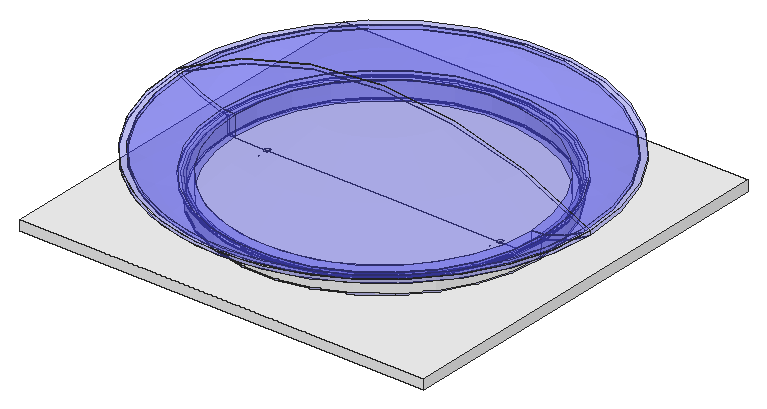
Revit family "BE_50508_de_DE", category Leuchten, Revit 2020
Family settings
  Basisbauteil = Fläche
  Bemaßung runder Anschluss = Durchmesser verwenden
  Teiletyp = Normal
  Beim Laden mit Abzugskörper schneiden = Ja
  Lichtquelle = Ja
  Gemeinsam genutzt = Nein
  Raumberechnungspunkt = Ja
Parameters (values of type "BEGA_50508_K4")
  built-in parameter 1150104 = 11.418 (stored number, unit not read)
  Wattage = 26.9 W
  Default Elevation = 0 mm
  built-in parameter 1150113 = 1 (stored number, unit not read)
  built-in parameter 1114218 = 1 (stored number, unit not read)
  Umgebungstemperatur = "25 °C"
  URL = "https://www.bega.com/de/produkt/50508"
  Typenkommentare = "© 2022 BEGA. Wir behalten uns das Recht vor, technische Änderungen ohne vorherige Ankündigung vorzunehmen."  # constant formula
  built-in parameter 1150134 = (empty or 0)
  built-in parameter 1150109 = 1 (stored number, unit not read)
  Strom = ""
  built-in parameter 1150110 = 1 (stored number, unit not read)
  Spannung = 239.996 V
  Sonderanfertigung = no
  Sockeltyp = ""
  Sockelanzahl = ""
  Seriennummer [instance] = "Hier können Sie die eindeutige Seriennummer für das Facility Management eintragen."
  Schutzklasse = "I"
  Schutzart = "IP 20"
  Scheinlast = 0 VA
  Produktdatenblatt = "http://www.bega.de/download/Xrfa/db/50508.db.de.pdf"
  Oberflächentemperatur = ""
  Neigungswinkel = 0.00°
  Model = "50508K2"
  Material_17 = BEGA_Reflektor
  Material_15 = BEGA_Leuchtmedium_matt
  Material_11 = BEGA_Glas_opal
  Material_09 = BEGA_Glas_klar
  Material_06 = BEGA_Oberfläche_Edelstahl_gebürstet
  Material_03 = BEGA_Oberfläche_Weiss_matt
  Material_02 = BEGA_Oberfläche_Silber_matt
  Material_01 [instance] = BEGA_Oberfläche_Grafit_matt
  M_W = no
  M_G = no
  M_A = no
  Logo = 0
  built-in parameter 1114217 = 1 (stored number, unit not read)
  built-in parameter 1150139 = (empty or 0)
  built-in parameter 1150105 = 263.08 (stored number, unit not read)
  built-in parameter 1150114 = 1 (stored number, unit not read)
  Lumens = 3306.01 lm
  built-in parameter 1150115 = 1 (stored number, unit not read)
  Leuchtenlichtstrom = "2557 lm"
  Leuchtenanzahl = ""
  Lebensdauerkriterien = "L70B50 @ 25 °C = 171000 h"
  Lastklassifizierung = Beleuchtung
  built-in parameter 1150112 = 1 (stored number, unit not read)
  Lampenlichtstrom = "3360 lm"
  Lamp = "LED 26.9 W"
  LED_Modulbezeichnung = "LED-0550/927"
  built-in parameter 1150142 = (empty or 0)
  Hersteller = "BEGA"  # constant formula
  Halbstreuwinkel = ""
  Gewicht = "2.9 kg"
  Gebrauchslageneinschränkung [instance] = ""
  Frequenz = "0/50-60 Hz"
  Farbwiedergabeindex = "CRI > 90"
  Farbtemperaturverschiebung bei Dämpfen der Lampe = <Keine Auswahl>
  Farbtemperatur = "2700 K"
  Color Filter = 16777215
  built-in parameter 1150133 = 10 (stored number, unit not read)
  Energieeffizienzklasse = "LED A++ - A"
  built-in parameter 1150137 = (empty or 0)
  built-in parameter 1150132 = (empty or 0)
  ENEC = "ja"
  Dimmbar [instance] = "DALI"
  Photometric Web File = "BE_50508K2.IES"
  CE_Konformität = "ja"
  Bestellnummer = "50508K2"
  Beschreibung_Sonderanfertigung = "Hier können Sie Informationen zur Sonderanfertigung eintragen."
  Beschreibung = "Decken- und Wandleuchte"
  built-in parameter 1150106 = 2.6308 (stored number, unit not read)
  Befestigungsbohrung = "Ø 5,5 mm"
  Befestigungsabstand = "230 mm"
  Ballwurfsicher = ""
  BEGA_Intern_aus = yes
  BEGA_Intern_an = yes
  BEGA_Intern_Konstruktion = yes
  BEGA_Intern = yes
  BEGA_IES = yes
  BEGA_Dummy = no
  Anschlussleitung = ""
  Anschlussleistung [instance] = "30 W"
  Anschlusskasten = ""
  built-in parameter 1150107 = 2700 (stored number, unit not read)
  built-in parameter 1150102 = (empty or 0)
  built-in parameter 1150138 = (empty or 0)
  Aktualisierung = "2020-06-26T04:00:13"
  Abstand_zur_angestrahlten_Fläche [instance] = ""
  AC/DC = "AC/DC"
Types (3, lengths in mm): name | built-in parameter 1150104 | built-in parameter 1150134 | Model | built-in parameter 1150105 | Lumens | Leuchtenlichtstrom | Lampenlichtstrom | LED_Modulbezeichnung | Farbtemperatur | Photometric Web File | Bestellnummer | built-in parameter 1150106 | built-in parameter 1150107
  BEGA_50508_K4 | 12.124 (stored number, unit not read) | 12 | "50508K4" | 279.35 (stored number, unit not read) | 3510.45 lm | "3021 lm" | "3970 lm" | "LED-0510/930" | "4000 K" | "BE_50508K4.IES" | "50508K4" | 2.7935 (stored number, unit not read) | 4000 (stored number, unit not read)
  BEGA_50508_K3 | 11.687 (stored number, unit not read) | (empty or 0) | "50508K3" | 269.29 (stored number, unit not read) | 3384.02 lm | "3021 lm" | "3970 lm" | "LED-0510/930" | "3000 K" | "BE_50508K3.IES" | "50508K3" | 2.6929 (stored number, unit not read) | 3000 (stored number, unit not read)
  BEGA_50508_K27 | 11.418 (stored number, unit not read) | (empty or 0) | "50508K27" | 263.08 (stored number, unit not read) | 3306.01 lm | "2926 lm" | "3845 lm" | "LED-0510/927" | "2700 K" | "BE_50508K27.IES" | "50508K27" | 2.6308 (stored number, unit not read) | 2700 (stored number, unit not read)
Reference planes
  plane 1 "Mitte (Vorne/Hinten)": y = 0
  plane 2: z = 0
  plane 3 "Mitte (Links/Rechts)": x = 0
  plane 4 "Links": x = -205
  plane 5 "Rechts": x = 205
  plane 6 "Unten": y = -205
  plane 7 "Oben": y = 205
  plane 8 "Vorne": z = 100.8
  plane 9 "Hinten": z = 0
Forms (mm)
  Extrusion 1, solid, material "BEGA_Platte_Weiss"
    sketch origin (0, -1119.2, 0) x (1, 0, 0) y (0, 1, 0)
      loop
        line (-200, 1319.2) -> (-200, 919.2) -> (200, 919.2) -> (200, 1319.2) -> (-200, 1319.2)
    from 0 to -10
  Extrusion 2, solid, material "BEGA_Dummy_matt", visible <- "BEGA_Dummy"
    sketch origin (77.149, -76.023, 0) x (1, 0, 0) y (0, 1, 0)
      loop
        circle (-77.149, 76.023) r 205
    from 0 to 100.8
Dimensions and locks
  plane 1 "Mitte (Vorne/Hinten)" to Extrusion 1 = 200 mm
  aligned and locked: plane 2 to Extrusion 1
  aligned and locked: level to Extrusion 1
Nested families
  nested 1: "BE_50508" at (0, 0, 0), type "BE_50508"
Connectors
  electrical at (0, 0, 0), driven by "Lastklassifizierung", driven by "Spannung", driven by "Scheinlast"
    settings: index 1, voltage 239.996 V, apparent load 0 VA, apparent load phase1 0 VA, apparent load phase2 0 VA, apparent load phase3 0 VA, power factor 1, load classification "Beleuchtung", number of poles 1, system type 31, power factor state 1, is connector primary yes, connector utility no, sub classification motor no, connector description ""
Definition of nested family "BE_50508"
  Parameters (values of type "BE_50508")
    Default Elevation = 1 mm
    URL = "http://www.bega.de/de/produkt"
    Type Comments = "© 2015 BEGA. Wir behalten uns das Recht vor, technische Änderungen ohne vorherige Ankündigung vorzunehmen. "  # constant formula
    Type Image = (empty or 0)
    Neigungswinkel_um_Z2 = 0.00°
    Neigungswinkel_um_Z1 = 0.00°
    Neigungswinkel_um_Y2 = 0.00°
    Neigungswinkel_um_Y1 = 0.00°
    Neigungswinkel_um_X2 = 0.00°
    Neigungswinkel_um_X1 = 0.00°
    Material_17 = none
    Material_15 = none
    Material_11 = none
    Material_09 = none
    Material_06 = none
    Material_03 = none
    Material_02 = none
    Material_01 = none
    M_W = yes
    M_G = yes
    M_A = yes
    Länge_Platte = 200 mm  # constant formula
    Höhe_Platte = -10 mm  # constant formula
    Manufacturer = "BEGA"  # constant formula
    Drehwinkel_um_Z2 = 0.00°
    Drehwinkel_um_Z1 = 0.00°
    Breite_Platte = 200 mm  # constant formula
  Reference planes
    plane 1 "Mitte (Oben/Unten)": y = 0
    plane 2: z = 0
    plane 3 "Mitte (Links/Rechts)": x = 0
    plane 4: x = -205
    plane 5: z = 100.8
    plane 6: x = 205
    plane 7: y = 205
    plane 8: y = -205
  Forms (mm)
    Extrusion 1, solid, detail levels medium
      sketch origin (0, 0, 0) x (1, 0, 0) y (0, 1, 0)
        loop
          line (-100, 100) -> (-100, -100) -> (100, -100) -> (100, 100) -> (-100, 100)
      from 0 to -10 <- "Höhe_Platte"
    Revolve 2, solid, material <- "Material_03"
      sketch origin (0, 0, 0) x (1, 0, 0) y (0, 0, 1)
        loop
          line (-153.767, 2.3) -> (0, 2.3) -> (0, 3.3) -> (-153.767, 3.3)
          arc (-153.767, 3.3) -> (-154.468, 3.587) -> (-154.767, 4.283) r 1
          line (-154.767, 4.283) -> (-155.025, 19.038)
          arc (-155.025, 19.038) -> (-155.567, 20.288) -> (-156.831, 20.8) r 1.8
          line (-156.831, 20.8) -> (-159, 20.8) -> (-159, 19.8) -> (-156.829, 19.8)
          arc (-156.829, 19.8) -> (-156.267, 19.574) -> (-156.025, 19.018) r 0.8
          line (-156.025, 19.018) -> (-155.767, 4.265)
          arc (-155.767, 4.265) -> (-155.169, 2.873) -> (-153.767, 2.3) r 2
        axis (0, 20.8) -> (0, 2.3)
      angle from 0 to 360
    Revolve 3, solid, material <- "Material_11"
      sketch origin (0, 0, 0) x (1, 0, 0) y (0, 0, 1)
        loop
          arc (0, 100.9) -> (-106.325, 86.51) -> (-205, 44.375) r 400.002
          line (-205, 44.375) -> (-205, 40.375)
          arc (-205, 40.375) -> (-183.46, 28.449) -> (-160, 20.977) r 125
          line (-160, 20.977) -> (-152.494, 20.583) -> (-152.494, 4.9) -> (-146.458, 4.9) -> (-146.458, 24.272) -> (-159.473, 24.954)
          arc (-159.473, 24.954) -> (-179.36, 31.071) -> (-197.905, 40.504) r 121.001
          arc (-197.905, 40.504) -> (-198.849, 42.234) -> (-197.848, 43.934) r 2
          arc (-197.848, 43.934) -> (-102.408, 83.43) -> (0, 96.901) r 395.997
          line (0, 96.901) -> (0, 100.9)
        axis (0, 100.9) -> (0, 4.9)
      angle from 0 to 360
    Extrusion 4, void
      sketch origin (0, 0, 0) x (1, 0, 0) y (0, 1, 0)
        loop
          circle (-115, 0) r 2.75
        loop
          circle (115, 0) r 2.75
      from 0 to 16.895
    Revolve 5, solid, material <- "Material_03"
      sketch origin (0, 0, 0) x (1, 0, 0) y (0, 0, 1)
        loop
          line (-124.43, 2.3) -> (-123.409, 1.081)
          arc (-123.409, 1.081) -> (-122.377, 0.284) -> (-121.104, 0) r 2.999
          line (-121.104, 0) -> (-117.75, 0) -> (-117.75, 1) -> (-122, 1) -> (-123.091, 2.3) -> (-124.43, 2.3)
        axis (-115, 2.3) -> (-115, 0)
      angle from 0 to 360
    Revolve 6, solid, material <- "Material_03"
      sketch origin (0, 0, 0) x (-1, 0, 0) y (0, 0, 1)
        loop
          line (-124.43, 2.3) -> (-123.409, 1.081)
          arc (-123.409, 1.081) -> (-122.377, 0.284) -> (-121.104, 0) r 2.999
          line (-121.104, 0) -> (-117.75, 0) -> (-117.75, 1) -> (-122, 1) -> (-123.091, 2.3) -> (-124.43, 2.3)
        axis (-115, 2.3) -> (-115, 0)
      angle from 0 to 360
  Cuts and joins
    Extrusion 4 cuts Revolve 2
    joined: Revolve 2, Revolve 5, Revolve 6
  Dimensions and locks
    equal spacing: Extrusion 1 sketch curve, plane 3 "Mitte (Links/Rechts)", Extrusion 1 sketch curve
    equal spacing: Extrusion 1 sketch curve, plane 1 "Mitte (Oben/Unten)", Extrusion 1 sketch curve
    "Länge_Platte": Extrusion 1 sketch curve to Extrusion 1 sketch curve
    "Breite_Platte": Extrusion 1 sketch curve to Extrusion 1 sketch curve
    aligned and locked: plane 2 to Extrusion 1
    aligned and locked: level to Extrusion 1
  Automatic sketch dimensions
    Revolve 2 sketch curve to Revolve 2 sketch curve = 0 mm  (x9)
    Revolve 2 sketch curve to plane 3 "Mitte (Links/Rechts)" = 0 mm  (x2)
    level to Revolve 2 sketch curve = 4.3 mm
    level to Revolve 2 sketch curve = 19.038 mm
    Revolve 2 sketch curve to Revolve 2 sketch curve = 1.257 mm
    level to Revolve 2 sketch curve = 19.018 mm
    Revolve 2 sketch curve to Revolve 2 sketch curve = 1 mm  (x5)
    Revolve 2 sketch curve to Revolve 2 sketch curve = 0.8 mm
    Revolve 2 sketch curve to Revolve 2 sketch curve = 0.004 mm
    Revolve 2 sketch curve to Revolve 2 sketch curve = 0.002 mm
    Revolve 2 sketch curve to Revolve 2 sketch curve = 2.169 mm
    Revolve 2 sketch curve to Revolve 2 sketch curve = 0.018 mm
    level to Revolve 2 sketch curve = 4.283 mm
    level to Revolve 2 sketch curve = 4.265 mm
    Revolve 3 sketch curve to Revolve 3 sketch curve = 0 mm  (x3)
    Revolve 3 sketch curve to plane 3 "Mitte (Links/Rechts)" = 0 mm  (x2)
    level to Revolve 3 sketch curve = 24.272 mm
    Revolve 3 sketch curve to Revolve 3 sketch curve = 6.037 mm
    level to Revolve 3 sketch curve = 24.954 mm
    Revolve 3 sketch curve to Revolve 3 sketch curve = 6.979 mm
    level to Revolve 3 sketch curve = 20.977 mm
    Revolve 3 sketch curve to Revolve 3 sketch curve = 0.527 mm
    plane 3 "Mitte (Links/Rechts)" to Revolve 3 sketch curve = 0 mm  (x2)
    Revolve 3 sketch curve to Revolve 3 sketch curve = 3.689 mm
    level to Revolve 3 sketch curve = 4.9 mm
    Revolve 3 sketch curve to Revolve 3 sketch curve = 0.005 mm
    level to Revolve 3 sketch curve = 40.375 mm
    Revolve 3 sketch curve to Revolve 3 sketch curve = 1.826 mm
    Revolve 3 sketch curve to Revolve 3 sketch curve = 4 mm
    Revolve 3 sketch curve to Revolve 3 sketch curve = 3.999 mm
    Revolve 3 sketch curve to Revolve 3 sketch curve = 1.055 mm
    Revolve 3 sketch curve to Revolve 3 sketch curve = 0.001 mm
    Revolve 3 sketch curve to Revolve 3 sketch curve = 24.939 mm
    level to Revolve 5 sketch curve = 2.3 mm
    level to Revolve 5 sketch curve = 1.081 mm
    Revolve 5 sketch curve to Revolve 5 sketch curve = 1.021 mm
    Revolve 5 sketch curve to Revolve 5 sketch curve = 0.318 mm
    level to Revolve 5 sketch curve = 1 mm
    Revolve 5 sketch curve to Revolve 5 sketch curve = 1.409 mm
    Revolve 5 sketch curve to Revolve 5 sketch curve = 1.987 mm
    level to Revolve 5 sketch curve = 0 mm
    Revolve 5 sketch curve to Revolve 5 sketch curve = 3.354 mm
    Revolve 5 sketch curve to Revolve 5 sketch curve = 2.75 mm
    Revolve 5 sketch curve to level = 2 mm
    Revolve 5 sketch curve to Revolve 5 sketch curve = 4.3 mm
    Revolve 6 sketch curve to level = 2.3 mm
    Revolve 6 sketch curve to level = 1.081 mm
    Revolve 6 sketch curve to Revolve 6 sketch curve = 1.021 mm
    Revolve 6 sketch curve to Revolve 6 sketch curve = 0.318 mm
    Revolve 6 sketch curve to level = 1 mm
    Revolve 6 sketch curve to Revolve 6 sketch curve = 1.409 mm
    Revolve 6 sketch curve to Revolve 6 sketch curve = 1.987 mm
    Revolve 6 sketch curve to level = 0 mm
    Revolve 6 sketch curve to Revolve 6 sketch curve = 3.354 mm
    Revolve 6 sketch curve to Revolve 6 sketch curve = 2.75 mm
    level to Revolve 6 sketch curve = 2 mm
    Revolve 6 sketch curve to Revolve 6 sketch curve = 4.3 mm
    Revolve 2 sketch curve to level = 274.158 mm
    Revolve 3 sketch curve to level = 299.097 mm
    Revolve 2 sketch curve to plane 3 "Mitte (Links/Rechts)" = 153.767 mm
    Revolve 3 sketch curve to plane 3 "Mitte (Links/Rechts)" = 133.977 mm
    Revolve 3 sketch curve to Revolve 3 sketch curve = 12.481 mm
    Revolve 3 sketch curve to Revolve 3 sketch curve = 37.376 mm
    Revolve 3 sketch curve to Revolve 3 sketch curve = 7.094 mm
    Revolve 5 sketch curve to plane 3 "Mitte (Links/Rechts)" = 124.43 mm
    Revolve 6 sketch curve to plane 3 "Mitte (Links/Rechts)" = 124.43 mm
    Revolve 2 sketch curve to Revolve 2 sketch curve = 405.132 mm
    Revolve 3 sketch curve to Revolve 3 sketch curve = 265.194 mm
